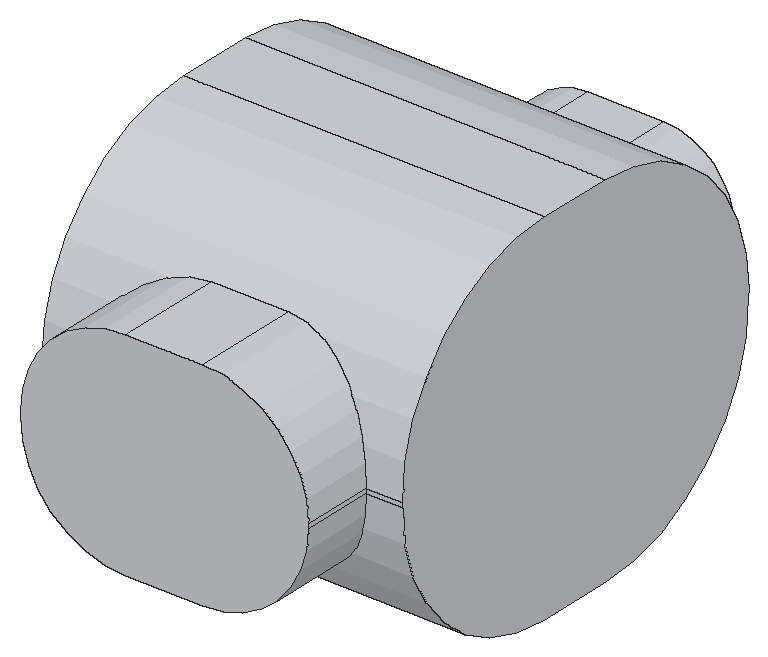
Revit family "M_Cruzamento oval - Lateral", category Conexões de duto, Revit 2019
Family settings
  Cota do conector redondo = Utilizar diâmetro
  Tipo de parte = Cruzeta lateral
  Número OmniClass = 23.75.70.14
  Título OmniClass = Air Ductwork
  ID de item do Seek = Oval Cross - Lateral-0000-CAN-ENU
  Com base no plano de trabalho = Não
  Sempre na vertical = Sim
  Corte com vazios quando carregada = Não
  Compartilhado = Não
Parameters (values of type "Padrão")
  Largura [instance] = if(Largura do duto 3 > Largura do duto 4, Largura do duto 3 / 2, Largura do duto 4 / 2)  # 100 mm
  Comprimento do anteparo 4 [instance] = 50 mm
  Comprimento do anteparo 3 [instance] = 50 mm
  Comprimento do anteparo 1 [instance] = 25 mm
  Raio 2 [instance] = if(Ângulo < 90.00°, 0.397 mm, Largura do duto 1 * 2)  # 600 mm
  Raio 1 [instance] = if(Ângulo > 90.00°, 0.397 mm, Largura do duto 1 * 2)  # 600 mm
  Comprimento 7 [instance] = abs(Comprimento 6 - Comprimento 2)  # 125 mm
  Comprimento 5 [instance] = if(Comprimento 1 > Comprimento 2, Comprimento 1, Comprimento 2)  # 18125 mm
  Comprimento 4 [instance] = 2 * Largura / sin(Ângulo) + Comprimento do anteparo 1 * 2  # 250 mm
  Comprimento 3 [instance] = if(Ângulo = 90.00°, Largura / sin(Ângulo) + Comprimento do anteparo 1, 0.5 * Largura do duto 1 / (tan(Ângulo)) + Largura / sin(Ângulo) + Comprimento do anteparo 1)  # 125 mm
  Comprimento 6 [instance] = 18000 mm  # constant formula
  Comprimento 2 [instance] = Comprimento 6 + (Comprimento 3 - Comprimento 4)  # 17875 mm
  Comprimento 1 [instance] = Comprimento 3 + Comprimento 6  # 18125 mm
  Comprimento da ramificação 4 [instance] = if(Ângulo = 90.00°, Largura do duto 1 / 2 + Comprimento do anteparo 4, Largura do duto 1 / (2 * sin(Ângulo)) + Largura do duto 4 / (2 * abs(tan(Ângulo))) + Comprimento do anteparo 4)  # 200 mm
  Comprimento da ramificação 3 [instance] = if(Ângulo = 90.00°, Largura do duto 1 / 2 + Comprimento do anteparo 3, Largura do duto 1 / (2 * sin(Ângulo)) + Largura do duto 3 / (2 * abs(tan(Ângulo))) + Comprimento do anteparo 3)  # 200 mm
  Largura do duto 4 [instance] = 150 mm
  Largura do duto 3 [instance] = 200 mm
  Largura do duto 1 [instance] = 300 mm
  Altura do duto 4 [instance] = 100 mm
  Altura do duto 3 [instance] = 150 mm
  Altura do duto 1 [instance] = 250 mm
  Ângulo [instance] = 90.00°
Reference planes
  plane 1 "Centro (Frente/Trás)": y = 0
  plane 2: z = 0
  plane 3 "Centro (Esquerda/Direita)": x = 0
  plane 4: x = -18000
  plane 5: x = 125
  plane 6: x = -125
Forms (mm)
  Sweep 1, solid, detail levels medium+fine
    path origin (0, 0, 0) x (1, 0, 0) y (0, 1, 0)
      loop
        line (-125, 0) -> (125, 0)
    profile "M_Duto - Oval : Duto - Oval 1" origin (0, 0, 0) x (0, 1, 0) y (0, 0, 1)
      loop
        line (-150, 1.588) -> (-150, -1.587)
        arc (-150, -1.587) -> (-113.853, -88.853) -> (-26.587, -125) r 123.413
        line (-26.587, -125) -> (26.588, -125)
        arc (26.588, -125) -> (113.853, -88.853) -> (150, -1.587) r 123.413
        line (150, -1.587) -> (150, 1.587)
        arc (150, 1.587) -> (113.853, 88.853) -> (26.588, 125) r 123.413
        line (26.588, 125) -> (-26.588, 125)
        arc (-26.588, 125) -> (-113.853, 88.853) -> (-150, 1.588) r 123.413
  Sweep 2, solid, detail levels medium+fine
    path in 3D
      loop
        line (0, 0, 0) -> (0, -200, 0)
    profile "M_Duto - Oval : Duto - Oval 3" origin (0, -100, 0) x (1, 0, 0) y (0, 0, 1)
      loop
        line (-100, 1.588) -> (-100, -1.587)
        arc (-100, -1.587) -> (-78.498, -53.498) -> (-26.587, -75) r 73.413
        line (-26.587, -75) -> (26.588, -75)
        arc (26.588, -75) -> (78.498, -53.498) -> (100, -1.587) r 73.413
        line (100, -1.587) -> (100, 1.587)
        arc (100, 1.587) -> (78.498, 53.498) -> (26.588, 75) r 73.413
        line (26.588, 75) -> (-26.588, 75)
        arc (-26.588, 75) -> (-78.498, 53.498) -> (-100, 1.588) r 73.413
  Sweep 3, solid, detail levels medium+fine
    path in 3D
      loop
        line (0, 0, 0) -> (0, 200, 0)
    profile "M_Duto - Oval : Duto - Oval 4" origin (0, 100, 0) x (-1, 0, 0) y (0, 0, 1)
      loop
        line (-75, 1.588) -> (-75, -1.587)
        arc (-75, -1.587) -> (-60.82, -35.82) -> (-26.587, -50) r 48.413
        line (-26.587, -50) -> (26.588, -50)
        arc (26.588, -50) -> (60.82, -35.82) -> (75, -1.587) r 48.413
        line (75, -1.587) -> (75, 1.587)
        arc (75, 1.587) -> (60.82, 35.82) -> (26.588, 50) r 48.413
        line (26.588, 50) -> (-26.587, 50)
        arc (-26.587, 50) -> (-60.82, 35.82) -> (-75, 1.588) r 48.413
  Sweep 4, void
    path in 3D
      loop
        line (-125, 0, 0) -> (-18125, 0, 0)
    profile origin (-9125, 0, 0) x (0, -1, 0) y (0, 0, 1)
      loop
        circle (0, 0) r 600
  Sweep 5, void
    path in 3D
      loop
        line (125, 0, 0) -> (18125, 0, 0)
    profile origin (9125, 0, 0) x (0, 1, 0) y (0, 0, 1)
      loop
        circle (0, 0) r 600
Cuts and joins
  Sweep 4, Sweep 5 cuts Sweep 2
  Sweep 4, Sweep 5 cuts Sweep 3
  joined: Sweep 1, Sweep 2, Sweep 3
Lines and regions (mm)
  model lines, detail levels coarse
    curve 1: line (0, 0, 0) -> (0, -200, 0)
    curve 3: line (0, 0, 0) -> (0, 200, 0)
    curve 5: line (-125, 0, 0) -> (125, 0, 0)
  sketch lines
    curve 2: line (0, 0, 0) -> (0, -200, 0)
    curve 4: line (0, 0, 0) -> (0, 200, 0)
    curve 7: line (-125, 0, 0) -> (-18125, 0, 0)
    curve 9: line (125, 0, 0) -> (18125, 0, 0)
  reference lines
    curve 6: line (-125, 0, 0) -> (-18125, 0, 0)
    curve 8: line (125, 0, 0) -> (18125, 0, 0)
Dimensions and locks
  "Comprimento da ramificação 3": curve 1 to curve 1
  "Comprimento da ramificação 4": curve 3 to curve 3
  "Comprimento 6": plane 4 to plane 3 "Centro (Esquerda/Direita)"
  "Comprimento 1": plane 4 to plane 5
  "Comprimento 2": plane 4 to plane 6
  "Comprimento 6": curve 6 to curve 6
  "Comprimento 6": curve 8 to curve 8
  "Raio 1": radius of Sweep 4 sketch curve
  "Raio 2": radius of Sweep 5 sketch curve
  "Ângulo": angle curve 1 to plane 1 "Centro (Frente/Trás)"
  "Ângulo": angle plane 1 "Centro (Frente/Trás)" to curve 3
  aligned and locked: plane 1 "Centro (Frente/Trás)" to curve 3
  aligned and locked: plane 1 "Centro (Frente/Trás)" to curve 5
  aligned and locked: plane 5 to curve 5
  aligned and locked: plane 6 to curve 5
  aligned and locked: Sweep 1 sketch curve to curve 5
  aligned and locked: plane 6 to curve 6
  aligned and locked: curve 6 to plane 1 "Centro (Frente/Trás)"
  aligned and locked: plane 1 "Centro (Frente/Trás)" to Sweep 4 sketch curve
  aligned and locked: plane 2 to Sweep 4 sketch curve
  aligned and locked: plane 5 to curve 8
  aligned and locked: plane 1 "Centro (Frente/Trás)" to curve 8
  aligned and locked: plane 2 to Sweep 5 sketch curve
  aligned and locked: plane 1 "Centro (Frente/Trás)" to Sweep 5 sketch curve
Automatic sketch dimensions
  Sweep 1 sketch curve to plane 6 = 0 mm
  Sweep 1 sketch curve to plane 5 = 0 mm
  curve 3 to plane 3 "Centro (Esquerda/Direita)" = 0 mm
Connectors
  hvac at (-125, 0, 0), driven by "Altura do duto 1", driven by "Largura do duto 1"
    settings: on Sweep 1, index 1, duct flow 0.0 L/s, flow factor 0, pres drop 0.0 Pa, loss coef 0, conn angle 0.00°, conn width 300 mm, conn height 250 mm, conn diameter 609.6 mm, duct sys type 28, conn prof type 2, flow config 0, flow direction 0, loss method 0, conn ref index 2, conn util no, is conn primary yes, conn desc ""
  hvac at (125, 0, 0), driven by "Altura do duto 1", driven by "Largura do duto 1"
    settings: on Sweep 1, index 2, duct flow 0.0 L/s, flow factor 0, pres drop 0.0 Pa, loss coef 0, conn angle 0.00°, conn width 300 mm, conn height 250 mm, conn diameter 609.6 mm, duct sys type 28, conn prof type 2, flow config 0, flow direction 0, loss method 0, conn ref index 1, conn util no, is conn primary no, conn desc ""
  hvac at (0, -200, 0), driven by "Altura do duto 3", driven by "Largura do duto 3", driven by "Ângulo"
    settings: on Sweep 2, index 3, duct flow 0.0 L/s, flow factor 0, pres drop 0.0 Pa, loss coef 0, conn angle 90.00°, conn width 200 mm, conn height 150 mm, conn diameter 609.6 mm, duct sys type 28, conn prof type 2, flow config 0, flow direction 0, loss method 0, conn ref index 4, conn util no, is conn primary no, conn desc ""
  hvac at (0, 200, 0), driven by "Altura do duto 4", driven by "Largura do duto 4", driven by "Ângulo"
    settings: on Sweep 3, index 4, duct flow 0.0 L/s, flow factor 0, pres drop 0.0 Pa, loss coef 0, conn angle 90.00°, conn width 150 mm, conn height 100 mm, conn diameter 609.6 mm, duct sys type 28, conn prof type 2, flow config 0, flow direction 0, loss method 0, conn ref index 3, conn util no, is conn primary no, conn desc ""
